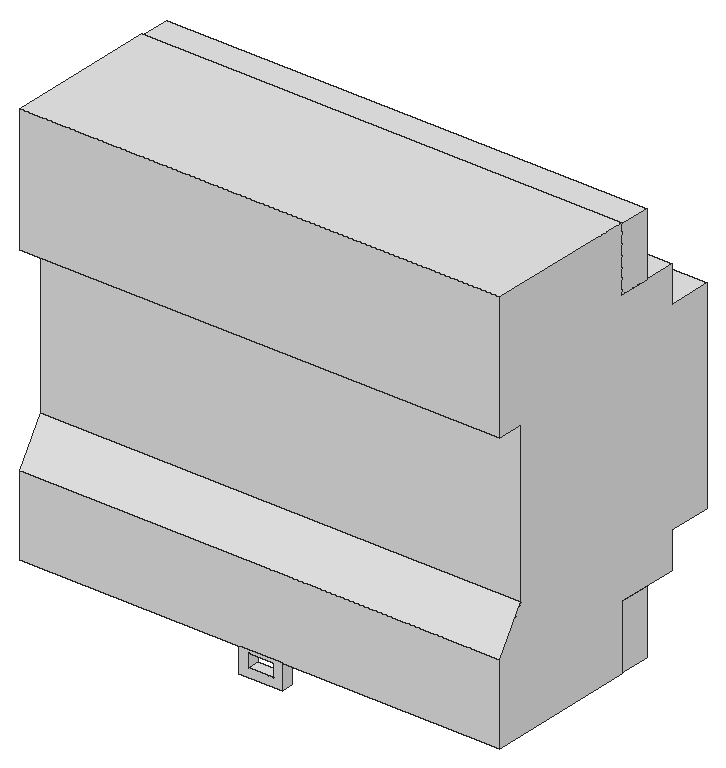
Revit family "СЭТ_СИПУ", category Электрические приборы, Revit 2019
Family settings
  Основа = Стена
  Сохранять ориентацию аннотаций = Нет
  Размер круглого соединителя = Использовать диаметр
  Тип детали = Нормальный
  Номер OmniClass = 23.85.00.00
  Заголовок OmniClass = Information and Communication
  Всегда вертикально = Да
  При загрузке вырезать с полостями = Нет
  Общий = Нет
  Точка расчета площади = Нет
Parameters (values of type "SET.SIPU.MB.16.0.DIN")
  Ширина = if(or(Каналы = 2, Каналы = 4), 37 mm, if(Каналы = 10, 71 mm, 107 mm))  # 107 mm
  Степень защиты = "IP20"
  Сайт производителя = "https://chronosmeter.com/"
  Полуширина = -Ширина / 2  # -53.5 mm
  Минус полуширина = Ширина / 2  # 53.5 mm
  Крепление = "DIN"
  Каналы = 16
  Интерфейс = "M-BUS"
  Глубина = 58 mm  # constant formula
  Высота размещения (по ниж.грани) = 1500 mm
  Высота = 95 mm  # constant formula
  Вход NAMUR = no
  ADSK_Наименование = "Счетчик импульсов проводной универсальный (СИПУ)"
  ADSK_Масса = if(or(Каналы = 2, Каналы = 4), 0.15, if(Каналы = 10, 0.3, 0.3))  # 0.3
  ADSK_Марка = "SET.SIPU.MB.16.0.DIN"
  ADSK_Количество = 1
  ADSK_Код изделия = "C208-25"
  ADSK_Завод-изготовитель = "Chronos Meter"  # constant formula
  ADSK_Единица измерения = "шт."  # constant formula
Types (14, lengths in mm): name | Ширина | Полуширина | Минус полуширина | Каналы | Интерфейс | Вход NAMUR | ADSK_Масса | ADSK_Марка | ADSK_Код изделия
  SET.SIPU.RS.2.0.DIN | 37 | -18.5 | 18.5 | 2 | "RS-485" | no | 0.15 | "SET.SIPU.RS.2.0.DIN" | "C208-06"
  SET.SIPU.RS.2.N.DIN | 37 | -18.5 | 18.5 | 2 | "RS-485" | yes | 0.15 | "SET.SIPU.RS.2.N.DIN" | "C208-07"
  SET.SIPU.RS.4.0.DIN | 37 | -18.5 | 18.5 | 4 | "RS-485" | no | 0.15 | "SET.SIPU.RS.4.0.DIN" | "C208-08"
  SET.SIPU.RS.4.N.DIN | 37 | -18.5 | 18.5 | 4 | "RS-485" | yes | 0.15 | "SET.SIPU.RS.4.N.DIN" | "C208-09"
  SET.SIPU.RS.10.0.DIN | 71 | -35.5 | 35.5 | 10 | "RS-485" | no | 0.3 | "SET.SIPU.RS.10.0.DIN" | "C208-10"
  SET.SIPU.RS.10.N.DIN | 71 | -35.5 | 35.5 | 10 | "RS-485" | yes | 0.3 | "SET.SIPU.RS.10.N.DIN" | "C208-11"
  SET.SIPU.RS.16.0.DIN | 107 | -53.5 | 53.5 | 16 | "RS-485" | no | 0.3 | "SET.SIPU.RS.16.0.DIN" | "C208-12"
  SET.SIPU.MB.2.0.DIN | 37 | -18.5 | 18.5 | 2 | "M-BUS" | no | 0.15 | "SET.SIPU.MB.2.0.DIN" | "C208-19"
  SET.SIPU.MB.2.N.DIN | 37 | -18.5 | 18.5 | 2 | "M-BUS" | yes | 0.15 | "SET.SIPU.MB.2.N.DIN" | "C208-20"
  SET.SIPU.MB.4.0.DIN | 37 | -18.5 | 18.5 | 4 | "M-BUS" | no | 0.15 | "SET.SIPU.MB.4.0.DIN" | "C208-21"
  SET.SIPU.MB.4.N.DIN | 37 | -18.5 | 18.5 | 4 | "M-BUS" | yes | 0.15 | "SET.SIPU.MB.4.N.DIN" | "C208-22"
  SET.SIPU.MB.10.0.DIN | 71 | -35.5 | 35.5 | 10 | "M-BUS" | no | 0.3 | "SET.SIPU.MB.10.0.DIN" | "C208-23"
  SET.SIPU.MB.10.N.DIN | 71 | -35.5 | 35.5 | 10 | "M-BUS" | yes | 0.3 | "SET.SIPU.MB.10.N.DIN" | "C208-24"
  SET.SIPU.MB.16.0.DIN | 107 | -53.5 | 53.5 | 16 | "M-BUS" | no | 0.3 | "SET.SIPU.MB.16.0.DIN" | "C208-25"
Reference planes
  plane 1: y = 0
  plane 2 "По центру (Влево/Вправо)": x = 125
  plane 3 "Сзади": y = 75
  plane 4: x = 178.5
  plane 5: x = 71.5
Forms (mm)
  Extrusion 1, solid, material "ADSK_Полимеры_ Поливинилхлорид_(ПВХ) белый"
    sketch origin (125, 60, 408.6) x (0, -1, 0) y (0, 0, 1)
      loop
        line (-15, 1091.4) -> (-15, 1109.16) -> (-20.684, 1118.247) -> (-20.684, 1153.444) -> (-15, 1153.444) -> (-15, 1181.6) -> (-48.807, 1181.6) -> (-48.807, 1167.109) -> (-62.769, 1167.109) -> (-62.769, 1159.027) -> (-72.5, 1159.027) -> (-72.5, 1114.027) -> (-62.769, 1114.027) -> (-62.769, 1105.944) -> (-48.807, 1105.944) -> (-48.807, 1091.4) -> (-15, 1091.4)
    from -53.5 <- "Полуширина" to 53.5 <- "Минус полуширина"
  Extrusion 2, solid, material "ADSK_Полимеры_ Поливинилхлорид_(ПВХ) белый"
    sketch origin (125, 108.807, 1500) x (0, 0, 1) y (1, 0, 0)
      loop
        line (14.41, 53.5) -> (0.218, 53.5) -> (0.218, -53.5) -> (14.41, -53.5) -> (14.41, 53.5)
    from 0 to 7
  Extrusion 3, solid, material "ADSK_Полимеры_ Поливинилхлорид_(ПВХ) белый"
    sketch origin (0, 75, 0) x (1, 0, 0) y (0, 0, 1)
      loop
        line (130, 1500) -> (120.235, 1500) -> (120.235, 1494.439) -> (130, 1494.439) -> (130, 1500)
      loop
        line (128.097, 1499.412) -> (122.45, 1499.412) -> (122.45, 1496.435) -> (128.097, 1496.435) -> (128.097, 1499.412)
    from -2.578 to 0
  Extrusion 4, void, not visible
    sketch origin (125.471, -108.807, 1500.297) x (0, 0, 1) y (-1, 0, 0)
      loop
        circle (7.034, 3.629) r 2.145
    from 0 to 8
  Extrusion 5, solid, material "ADSK_Полимеры_ Поливинилхлорид_(ПВХ) белый"
    sketch origin (125, 108.807, 1590.2) x (0, 0, -1) y (-1, 0, 0)
      loop
        line (0.299, -53.5) -> (14.491, -53.5) -> (14.491, 53.5) -> (0.299, 53.5) -> (0.299, -53.5)
    from 0 to 7
  Extrusion 6, void
    sketch origin (123.047, 115.807, 1590.489) x (0, 0, 1) y (-1, 0, 0)
      loop
        circle (-7.788, 48.124) r 2.195
      loop
        circle (-7.788, 42.133) r 2.195
      loop
        circle (-7.788, 36.096) r 2.195
      loop
        circle (-7.788, 30.058) r 2.195
      loop
        circle (-7.788, 24.02) r 2.195
      loop
        circle (-7.788, 17.984) r 2.195
    from 0 to 10
  Extrusion 7, void
    sketch origin (116.509, 115.807, 1498.982) x (0, 0, -1) y (1, 0, 0)
      loop
        circle (-8.417, -41.187) r 2.227
      loop
        circle (-8.417, -35.155) r 2.227
      loop
        circle (-8.417, -29.117) r 2.227
      loop
        circle (-8.417, -23.142) r 2.227
      loop
        circle (-8.417, -17.167) r 2.227
      loop
        circle (-8.417, -11.128) r 2.227
    from 0 to 10
Cuts and joins
  Extrusion 6, Extrusion 7 cuts Extrusion 1
  Extrusion 6 cuts Extrusion 5
  Extrusion 7 cuts Extrusion 2
Lines and regions (mm)
  model lines, not visible, detail levels fine
    curve 1: line (29.72, -66.224, 36.978) -> (28.003, -66.224, 36.978)
    curve 2: line (28.003, -66.224, 36.978) -> (28.003, -66.224, 34.24)
    curve 3: line (28.003, -66.224, 34.24) -> (29.72, -66.224, 34.24)
    curve 4: line (30.217, -66.224, 36.978) -> (30.217, -66.224, 34.24)
    curve 5: line (34.147, -66.224, 36.978) -> (32.431, -66.224, 36.978)
    curve 6: line (32.431, -66.224, 36.978) -> (32.431, -66.224, 34.24)
    curve 7: line (32.431, -66.224, 35.609) -> (34.147, -66.224, 34.24)
    curve 8: line (36.361, -66.224, 36.978) -> (34.645, -66.224, 36.978)
    curve 9: line (34.645, -66.224, 36.978) -> (34.645, -66.224, 34.24)
    curve 10: line (34.645, -66.224, 34.24) -> (36.361, -66.224, 34.24)
    curve 11: line (36.859, -66.224, 36.978) -> (36.859, -66.224, 34.24)
    curve 12: line (40.789, -66.224, 36.978) -> (39.073, -66.224, 36.978)
    curve 13: line (39.073, -66.224, 36.978) -> (39.073, -66.224, 34.24)
    curve 14: line (39.073, -66.224, 34.24) -> (40.789, -66.224, 34.24)
    curve 15: line (43.003, -66.224, 36.978) -> (41.286, -66.224, 36.978)
    curve 16: line (41.286, -66.224, 36.978) -> (41.286, -66.224, 35.609)
    curve 17: line (41.286, -66.224, 34.24) -> (43.003, -66.224, 34.24)
    curve 18: line (30.217, -66.224, 33.763) -> (30.217, -66.224, 31.026)
    curve 19: line (34.147, -66.224, 33.763) -> (32.431, -66.224, 33.763)
    curve 20: line (32.431, -66.224, 33.763) -> (32.431, -66.224, 31.026)
    curve 21: line (32.431, -66.224, 31.026) -> (34.147, -66.224, 31.026)
    curve 22: line (36.361, -66.224, 33.763) -> (34.645, -66.224, 33.763)
    curve 23: line (38.575, -66.224, 33.763) -> (36.859, -66.224, 33.763)
    curve 24: line (36.859, -66.224, 33.763) -> (36.859, -66.224, 31.026)
    curve 25: line (36.859, -66.224, 31.026) -> (38.575, -66.224, 31.026)
    curve 26: line (31.934, -66.224, 36.978) -> (31.934, -66.224, 34.24)
    curve 27: line (30.217, -66.224, 35.609) -> (31.934, -66.224, 35.609)
    curve 28: line (32.431, -66.224, 35.609) -> (34.147, -66.224, 35.609)
    curve 29: line (34.147, -66.224, 35.609) -> (34.147, -66.224, 36.978)
    curve 30: line (36.361, -66.224, 36.978) -> (36.361, -66.224, 34.24)
    curve 31: line (38.575, -66.224, 36.978) -> (38.575, -66.224, 34.24)
    curve 32: line (36.859, -66.224, 36.978) -> (38.575, -66.224, 34.24)
    curve 33: line (40.789, -66.224, 36.978) -> (40.789, -66.224, 34.24)
    curve 34: line (41.286, -66.224, 35.609) -> (43.003, -66.224, 35.609)
    curve 35: line (43.003, -66.224, 35.609) -> (43.003, -66.224, 34.24)
    curve 36: line (31.934, -66.224, 33.763) -> (31.934, -66.224, 31.026)
    curve 37: line (30.217, -66.224, 33.763) -> (31.075, -66.224, 32.395)
    curve 38: line (31.075, -66.224, 32.395) -> (31.934, -66.224, 33.763)
    curve 39: line (35.503, -66.224, 33.763) -> (35.503, -66.224, 31.026)
    curve 40: line (32.431, -66.224, 32.395) -> (33.289, -66.224, 32.395)
    curve 41: line (36.859, -66.224, 32.395) -> (37.78, -66.224, 32.395)
    curve 42: line (40.789, -66.224, 33.763) -> (39.073, -66.224, 33.763)
    curve 43: line (39.073, -66.224, 33.763) -> (39.073, -66.224, 31.026)
    curve 44: line (39.073, -66.224, 32.395) -> (40.789, -66.224, 31.026)
    curve 45: line (39.073, -66.224, 32.395) -> (40.789, -66.224, 32.395)
    curve 46: line (40.789, -66.224, 32.395) -> (40.789, -66.224, 33.763)
    curve 47: circle (23.664, -66.224, 33.751) r 3.026 normal (0, 1, 0)
    curve 48: spline (22.151, -66.224, 31.131) -> (22.747, -66.224, 30.905) -> (23.406, -66.224, 30.874) -> (24.083, -66.224, 31.038) -> (24.731, -66.224, 31.388) -> (25.306, -66.224, 31.898) -> (25.77, -66.224, 32.535) -> (26.089, -66.224, 33.255) -> (26.244, -66.224, 34.008) -> (26.223, -66.224, 34.744) -> (26.027, -66.224, 35.412) -> (25.67, -66.224, 35.967) -> (25.177, -66.224, 36.371) -> (24.58, -66.224, 36.597) -> (23.921, -66.224, 36.628) -> (23.244, -66.224, 36.464) -> (22.596, -66.224, 36.114) -> (22.021, -66.224, 35.604) -> (21.558, -66.224, 34.967) -> (21.238, -66.224, 34.247) -> (21.083, -66.224, 33.494) -> (21.105, -66.224, 32.758) -> (21.3, -66.224, 32.09) -> (21.657, -66.224, 31.535) -> (22.151, -66.224, 31.131)
    curve 49: spline (22.151, -66.224, 31.131) -> (22.479, -66.224, 31.06) -> (22.889, -66.224, 31.173) -> (23.351, -66.224, 31.461) -> (23.835, -66.224, 31.905) -> (24.306, -66.224, 32.476) -> (24.735, -66.224, 33.133) -> (25.09, -66.224, 33.832) -> (25.347, -66.224, 34.526) -> (25.491, -66.224, 35.167) -> (25.509, -66.224, 35.711) -> (25.402, -66.224, 36.122) -> (25.177, -66.224, 36.371) -> (24.848, -66.224, 36.442) -> (24.438, -66.224, 36.329) -> (23.976, -66.224, 36.041) -> (23.493, -66.224, 35.597) -> (23.021, -66.224, 35.026) -> (22.593, -66.224, 34.369) -> (22.238, -66.224, 33.67) -> (21.98, -66.224, 32.976) -> (21.837, -66.224, 32.335) -> (21.818, -66.224, 31.791) -> (21.925, -66.224, 31.38) -> (22.151, -66.224, 31.131)
    curve 50: line (21.043, -66.224, 35.264) -> (26.284, -66.224, 32.238)
    curve 51: line (23.709, -66.224, 36.776) -> (26.261, -66.224, 35.303)
    curve 52: line (21.066, -66.224, 32.199) -> (23.619, -66.224, 30.726)
    curve 53: line (25.177, -66.224, 36.371) -> (22.151, -66.224, 31.131)
  model lines, detail levels fine
    curve 54: line (87.792, 132.5, 1566.532) -> (89.509, 132.5, 1566.532)
    curve 55: line (89.509, 132.5, 1566.532) -> (89.509, 132.5, 1563.795)
    curve 56: line (89.509, 132.5, 1563.795) -> (87.792, 132.5, 1563.795)
    curve 57: line (87.295, 132.5, 1566.532) -> (87.295, 132.5, 1563.795)
    curve 58: line (83.364, 132.5, 1566.532) -> (85.081, 132.5, 1566.532)
    curve 59: line (85.081, 132.5, 1566.532) -> (85.081, 132.5, 1563.795)
    curve 60: line (85.081, 132.5, 1565.163) -> (83.364, 132.5, 1563.795)
    curve 61: line (81.151, 132.5, 1566.532) -> (82.867, 132.5, 1566.532)
    curve 62: line (82.867, 132.5, 1566.532) -> (82.867, 132.5, 1563.795)
    curve 63: line (82.867, 132.5, 1563.795) -> (81.151, 132.5, 1563.795)
    curve 64: line (80.653, 132.5, 1566.532) -> (80.653, 132.5, 1563.795)
    curve 65: line (76.723, 132.5, 1566.532) -> (78.439, 132.5, 1566.532)
    curve 66: line (78.439, 132.5, 1566.532) -> (78.439, 132.5, 1563.795)
    curve 67: line (78.439, 132.5, 1563.795) -> (76.723, 132.5, 1563.795)
    curve 68: line (74.509, 132.5, 1566.532) -> (76.225, 132.5, 1566.532)
    curve 69: line (76.225, 132.5, 1566.532) -> (76.225, 132.5, 1565.163)
    curve 70: line (76.225, 132.5, 1563.795) -> (74.509, 132.5, 1563.795)
    curve 71: line (87.295, 132.5, 1563.318) -> (87.295, 132.5, 1560.58)
    curve 72: line (83.364, 132.5, 1563.318) -> (85.081, 132.5, 1563.318)
    curve 73: line (85.081, 132.5, 1563.318) -> (85.081, 132.5, 1560.58)
    curve 74: line (85.081, 132.5, 1560.58) -> (83.364, 132.5, 1560.58)
    curve 75: line (81.151, 132.5, 1563.318) -> (82.867, 132.5, 1563.318)
    curve 76: line (78.937, 132.5, 1563.318) -> (80.653, 132.5, 1563.318)
    curve 77: line (80.653, 132.5, 1563.318) -> (80.653, 132.5, 1560.58)
    curve 78: line (80.653, 132.5, 1560.58) -> (78.937, 132.5, 1560.58)
    curve 79: line (85.578, 132.5, 1566.532) -> (85.578, 132.5, 1563.795)
    curve 80: line (87.295, 132.5, 1565.163) -> (85.578, 132.5, 1565.163)
    curve 81: line (85.081, 132.5, 1565.163) -> (83.364, 132.5, 1565.163)
    curve 82: line (83.364, 132.5, 1565.163) -> (83.364, 132.5, 1566.532)
    curve 83: line (81.151, 132.5, 1566.532) -> (81.151, 132.5, 1563.795)
    curve 84: line (78.937, 132.5, 1566.532) -> (78.937, 132.5, 1563.795)
    curve 85: line (80.653, 132.5, 1566.532) -> (78.937, 132.5, 1563.795)
    curve 86: line (76.723, 132.5, 1566.532) -> (76.723, 132.5, 1563.795)
    curve 87: line (76.225, 132.5, 1565.163) -> (74.509, 132.5, 1565.163)
    curve 88: line (74.509, 132.5, 1565.163) -> (74.509, 132.5, 1563.795)
    curve 89: line (85.578, 132.5, 1563.318) -> (85.578, 132.5, 1560.58)
    curve 90: line (87.295, 132.5, 1563.318) -> (86.437, 132.5, 1561.949)
    curve 91: line (86.437, 132.5, 1561.949) -> (85.578, 132.5, 1563.318)
    curve 92: line (82.009, 132.5, 1563.318) -> (82.009, 132.5, 1560.58)
    curve 93: line (85.081, 132.5, 1561.949) -> (84.223, 132.5, 1561.949)
    curve 94: line (80.653, 132.5, 1561.949) -> (79.732, 132.5, 1561.949)
    curve 95: line (76.723, 132.5, 1563.318) -> (78.439, 132.5, 1563.318)
    curve 96: line (78.439, 132.5, 1563.318) -> (78.439, 132.5, 1560.58)
    curve 97: line (78.439, 132.5, 1561.949) -> (76.723, 132.5, 1560.58)
    curve 98: line (78.439, 132.5, 1561.949) -> (76.723, 132.5, 1561.949)
    curve 99: line (76.723, 132.5, 1561.949) -> (76.723, 132.5, 1563.318)
    curve 100: circle (93.848, 132.5, 1563.305) r 3.026 normal (0, -1, 0)
    curve 101: spline (95.361, 132.5, 1560.685) -> (94.764, 132.5, 1560.46) -> (94.105, 132.5, 1560.428) -> (93.429, 132.5, 1560.593) -> (92.781, 132.5, 1560.942) -> (92.206, 132.5, 1561.453) -> (91.742, 132.5, 1562.09) -> (91.422, 132.5, 1562.809) -> (91.268, 132.5, 1563.563) -> (91.289, 132.5, 1564.299) -> (91.485, 132.5, 1564.967) -> (91.842, 132.5, 1565.522) -> (92.335, 132.5, 1565.926) -> (92.932, 132.5, 1566.151) -> (93.591, 132.5, 1566.183) -> (94.268, 132.5, 1566.018) -> (94.916, 132.5, 1565.669) -> (95.491, 132.5, 1565.158) -> (95.954, 132.5, 1564.521) -> (96.274, 132.5, 1563.802) -> (96.428, 132.5, 1563.048) -> (96.407, 132.5, 1562.312) -> (96.211, 132.5, 1561.644) -> (95.855, 132.5, 1561.089) -> (95.361, 132.5, 1560.685)
    curve 102: spline (95.361, 132.5, 1560.685) -> (95.032, 132.5, 1560.614) -> (94.623, 132.5, 1560.727) -> (94.161, 132.5, 1561.015) -> (93.677, 132.5, 1561.46) -> (93.205, 132.5, 1562.03) -> (92.777, 132.5, 1562.687) -> (92.422, 132.5, 1563.386) -> (92.164, 132.5, 1564.08) -> (92.021, 132.5, 1564.721) -> (92.003, 132.5, 1565.266) -> (92.11, 132.5, 1565.677) -> (92.335, 132.5, 1565.926) -> (92.664, 132.5, 1565.997) -> (93.073, 132.5, 1565.884) -> (93.536, 132.5, 1565.596) -> (94.019, 132.5, 1565.151) -> (94.491, 132.5, 1564.581) -> (94.919, 132.5, 1563.924) -> (95.274, 132.5, 1563.224) -> (95.532, 132.5, 1562.531) -> (95.675, 132.5, 1561.89) -> (95.694, 132.5, 1561.345) -> (95.587, 132.5, 1560.934) -> (95.361, 132.5, 1560.685)
    curve 103: line (96.469, 132.5, 1564.818) -> (91.228, 132.5, 1561.793)
    curve 104: line (93.803, 132.5, 1566.331) -> (91.251, 132.5, 1564.857)
    curve 105: line (96.446, 132.5, 1561.754) -> (93.893, 132.5, 1560.28)
    curve 106: line (92.335, 132.5, 1565.926) -> (95.361, 132.5, 1560.685)
Text (mm)
  text "Сторона размещения" at (-1867.185, 1116.779, 0), in view "Опорный уровень"
  text "Сторона размещения" at (0, 1627.561, 3001.832), in view "Слева"
  text "Сторона размещения" at (0, 530.812, 2999.686), in view "Справа"
Dimensions and locks
  locked: plane 3 "Сзади" to host wall
  Extrusion 3 sketch curve to Extrusion 3 sketch curve = 9.765 mm
  Extrusion 3 sketch curve to Extrusion 3 sketch curve = 5.646 mm
  equal spacing: plane 5, plane 2 "По центру (Влево/Вправо)", plane 4
  "Ширина": plane 5 to plane 4
  Extrusion 1 sketch curve to level = 1500 mm
  "Высота размещения (по ниж.грани)": Extrusion 1 to level
  Extrusion 1 sketch curve to Extrusion 1 sketch curve to Extrusion 1 sketch curve = 51.816 mm locked, 5.684 mm locked
  Extrusion 1 sketch curve to Extrusion 1 sketch curve = 14.544 mm
  locked: plane 2 "По центру (Влево/Вправо)" to Extrusion 3 at 5
  plane 2 "По центру (Влево/Вправо)" to curve 88 = 50.491 mm
  locked: plane 5 to curve 88 at 3.009
  aligned and locked: plane 1 to host wall
  aligned and locked: Extrusion 1 to Extrusion 2  (x2)
  aligned and locked: Extrusion 1 to host wall  (x2)
  aligned and locked: Extrusion 5 to Extrusion 2
  aligned and locked: Extrusion 3 to host wall
Automatic sketch dimensions
  Extrusion 1 sketch curve to host wall = 0 mm
  host wall to Extrusion 1 sketch curve = 0 mm
  Extrusion 1 sketch curve to Extrusion 1 sketch curve = 28.124 mm
  Extrusion 1 sketch curve to Extrusion 1 sketch curve = 13.961 mm  (x2)
  Extrusion 1 sketch curve to Extrusion 1 sketch curve = 9.731 mm
  Extrusion 1 sketch curve to Extrusion 1 sketch curve = 17.76 mm
  Extrusion 1 sketch curve to Extrusion 1 sketch curve = 8.082 mm  (x2)
  Extrusion 1 sketch curve to Extrusion 1 sketch curve = 9.087 mm
  Extrusion 1 sketch curve to Extrusion 1 sketch curve = 35.197 mm
  Extrusion 1 sketch curve to Extrusion 1 sketch curve = 5.583 mm
  Extrusion 1 sketch curve to Extrusion 1 sketch curve = 28.157 mm
  Extrusion 1 to Extrusion 2 sketch curve = 0 mm
  Extrusion 2 sketch curve to Extrusion 1 = 0 mm
  Extrusion 1 to Extrusion 2 sketch curve = 0.218 mm
  Extrusion 2 sketch curve to Extrusion 1 = 0.134 mm
  Extrusion 5 sketch curve to Extrusion 1 = 0 mm  (x2)
  Extrusion 1 to Extrusion 5 sketch curve = 0 mm
  Extrusion 1 to Extrusion 5 sketch curve = 0.299 mm
  curve 78 to curve 74 = 0 mm
  curve 73 to curve 91 = 1.369 mm
  curve 78 to curve 99 = 1.369 mm
  curve 90 to curve 100 = 1.356 mm
  curve 91 to curve 91 = 1.369 mm
  curve 98 to curve 99 = 1.369 mm
  curve 90 to curve 71 = 1.369 mm
  curve 72 to curve 89 = 0 mm
  curve 76 to curve 95 = 0 mm
  curve 95 to curve 67 = 0.477 mm
  curve 71 to curve 56 = 0.477 mm
  curve 76 to curve 63 = 0.477 mm
  curve 70 to curve 67 = 0 mm
  curve 76 to curve 84 = 0.477 mm
  curve 62 to curve 82 = 1.369 mm
  curve 70 to curve 87 = 1.369 mm
  curve 81 to curve 83 = 1.369 mm
  curve 82 to curve 61 = 0 mm
  curve 69 to curve 69 = 1.369 mm
  curve 66 to curve 68 = 0 mm
  curve 85 to curve 61 = 0 mm
  curve 55 to curve 55 = 2.737 mm
  curve 87 to curve 68 = 1.717 mm
  curve 69 to curve 67 = 0.497 mm
  curve 98 to curve 67 = 0 mm
  curve 67 to curve 67 = 1.717 mm
  curve 96 to curve 66 = 0 mm
  curve 66 to curve 84 = 0.497 mm
  curve 85 to curve 76 = 1.717 mm
  curve 84 to curve 64 = 1.717 mm
  curve 64 to curve 83 = 0.497 mm
  curve 63 to curve 62 = 1.717 mm
  curve 61 to curve 81 = 0.497 mm
  curve 62 to curve 72 = 2.214 mm
  curve 58 to curve 59 = 1.717 mm
  curve 72 to curve 89 = 0.497 mm
  curve 93 to curve 90 = 1.356 mm
  curve 90 to curve 71 = 0.858 mm
  curve 71 to curve 55 = 2.214 mm
  curve 55 to curve 100 = 4.339 mm
  curve 105 to curve 100 = 3.025 mm
  curve 92 to curve 74 = 0 mm
  curve 89 to curve 73 = 0 mm
  curve 96 to curve 78 = 0 mm
  curve 71 to curve 90 = 1.369 mm
  curve 97 to curve 98 = 1.369 mm
  curve 105 to curve 106 = 0.405 mm
  curve 102 to curve 106 = 0 mm
  curve 101 to curve 102 = 0 mm
  curve 102 to curve 105 = 1.069 mm
  curve 103 to curve 55 = 2.002 mm
  curve 93 to curve 91 = 0 mm
  curve 94 to curve 76 = 1.369 mm
  curve 97 to curve 98 = 0 mm  (x2)
  curve 101 to curve 100 = 0 mm  (x2)
  curve 102 to curve 100 = 0 mm  (x2)
  curve 92 to curve 62 = 0.477 mm
  curve 89 to curve 79 = 0.477 mm
  curve 76 to curve 64 = 0.477 mm
  curve 72 to curve 59 = 0.477 mm
  curve 71 to curve 57 = 0.477 mm
  curve 72 to curve 60 = 0.477 mm
  curve 100 to curve 103 = 1.513 mm
  curve 55 to curve 104 = 1.062 mm
  curve 80 to curve 81 = 0 mm
  curve 60 to curve 81 = 0 mm
  curve 104 to curve 106 = 1.069 mm
  curve 106 to curve 104 = 0.405 mm
  curve 84 to curve 65 = 0 mm
  curve 79 to curve 58 = 0 mm
  curve 57 to curve 54 = 0 mm
  curve 87 to curve 68 = 0 mm
  curve 70 to curve 67 = 0.497 mm
  curve 76 to curve 84 = 0 mm
  curve 96 to curve 78 = 0.497 mm
  curve 94 to curve 94 = 0.921 mm
  curve 75 to curve 63 = 0 mm
  curve 75 to curve 92 = 0.858 mm
  curve 75 to curve 62 = 0 mm
  curve 62 to curve 60 = 0.497 mm
  curve 72 to curve 60 = 0 mm
  curve 92 to curve 74 = 1.356 mm
  curve 93 to curve 93 = 0.858 mm
  curve 81 to curve 80 = 0.497 mm
  curve 80 to curve 80 = 1.717 mm
  curve 57 to curve 54 = 0.497 mm
  curve 57 to curve 56 = 0.497 mm
  curve 55 to curve 103 = 1.719 mm
  curve 25 to curve 21 = 0 mm
  curve 20 to curve 38 = 1.369 mm
  curve 25 to curve 46 = 1.369 mm
  curve 37 to curve 47 = 1.356 mm
  curve 38 to curve 38 = 1.369 mm
  curve 45 to curve 46 = 1.369 mm
  curve 37 to curve 18 = 1.369 mm
  curve 19 to curve 36 = 0 mm
  curve 23 to curve 42 = 0 mm
  curve 42 to curve 14 = 0.477 mm
  curve 18 to curve 3 = 0.477 mm
  curve 23 to curve 10 = 0.477 mm
  curve 17 to curve 14 = 0 mm
  curve 23 to curve 31 = 0.477 mm
  curve 9 to curve 29 = 1.369 mm
  curve 17 to curve 34 = 1.369 mm
  curve 28 to curve 30 = 1.369 mm
  curve 29 to curve 8 = 0 mm
  curve 16 to curve 16 = 1.369 mm
  curve 13 to curve 15 = 0 mm
  curve 32 to curve 8 = 0 mm
  curve 2 to curve 2 = 2.737 mm
  curve 34 to curve 15 = 1.717 mm
  curve 16 to curve 14 = 0.497 mm
  curve 45 to curve 14 = 0 mm
  curve 14 to curve 14 = 1.717 mm
  curve 43 to curve 13 = 0 mm
  curve 13 to curve 31 = 0.497 mm
  curve 32 to curve 23 = 1.717 mm
  curve 31 to curve 11 = 1.717 mm
  curve 11 to curve 30 = 0.497 mm
  curve 10 to curve 9 = 1.717 mm
  curve 8 to curve 28 = 0.497 mm
  curve 9 to curve 19 = 2.214 mm
  curve 5 to curve 6 = 1.717 mm
  curve 19 to curve 36 = 0.497 mm
  curve 40 to curve 37 = 1.356 mm
  curve 37 to curve 18 = 0.858 mm
  curve 18 to curve 2 = 2.214 mm
  curve 2 to curve 47 = 4.339 mm
  curve 52 to curve 47 = 3.025 mm
  curve 39 to curve 21 = 0 mm
  curve 36 to curve 20 = 0 mm
  curve 43 to curve 25 = 0 mm
  curve 18 to curve 37 = 1.369 mm
  curve 44 to curve 45 = 1.369 mm
  curve 52 to curve 53 = 0.405 mm
  curve 49 to curve 53 = 0 mm
  curve 48 to curve 49 = 0 mm
  curve 49 to curve 52 = 1.069 mm
  curve 50 to curve 2 = 2.002 mm
  curve 40 to curve 38 = 0 mm
  curve 41 to curve 23 = 1.369 mm
  curve 44 to curve 45 = 0 mm  (x2)
  curve 48 to curve 47 = 0 mm  (x2)
  curve 49 to curve 47 = 0 mm  (x2)
  curve 39 to curve 9 = 0.477 mm
  curve 36 to curve 26 = 0.477 mm
  curve 23 to curve 11 = 0.477 mm
  curve 19 to curve 6 = 0.477 mm
  curve 18 to curve 4 = 0.477 mm
  curve 19 to curve 7 = 0.477 mm
  curve 47 to curve 50 = 1.513 mm
  curve 2 to curve 51 = 1.062 mm
  curve 27 to curve 28 = 0 mm
  curve 7 to curve 28 = 0 mm
  curve 51 to curve 53 = 1.069 mm
  curve 53 to curve 51 = 0.405 mm
  curve 31 to curve 12 = 0 mm
  curve 26 to curve 5 = 0 mm
  curve 4 to curve 1 = 0 mm
  curve 34 to curve 15 = 0 mm
  curve 17 to curve 14 = 0.497 mm
  curve 23 to curve 31 = 0 mm
  curve 43 to curve 25 = 0.497 mm
  curve 41 to curve 41 = 0.921 mm
  curve 22 to curve 10 = 0 mm
  curve 22 to curve 39 = 0.858 mm
  curve 22 to curve 9 = 0 mm
  curve 9 to curve 7 = 0.497 mm
  curve 19 to curve 7 = 0 mm
  curve 39 to curve 21 = 1.356 mm
  curve 40 to curve 40 = 0.858 mm
  curve 28 to curve 27 = 0.497 mm
  curve 27 to curve 27 = 1.717 mm
  curve 4 to curve 1 = 0.497 mm
  curve 4 to curve 3 = 0.497 mm
  curve 2 to curve 50 = 1.719 mm
  Extrusion 3 sketch curve to plane 2 "По центру (Влево/Вправо)" = 4.765 mm
  Extrusion 3 sketch curve to plane 2 "По центру (Влево/Вправо)" = 2.55 mm
  level to Extrusion 3 sketch curve = 1494.439 mm
  Extrusion 3 sketch curve to Extrusion 3 sketch curve = 1.996 mm
  Extrusion 3 sketch curve to Extrusion 3 sketch curve = 2.978 mm
  Extrusion 3 sketch curve to Extrusion 3 sketch curve = 0.588 mm
  Extrusion 5 to Extrusion 6 sketch curve = 6.993 mm
  Extrusion 6 sketch curve to Extrusion 6 sketch curve = 0 mm  (x5)
  Extrusion 5 to Extrusion 6 sketch curve = 33.563 mm
  Extrusion 6 sketch curve to Extrusion 6 sketch curve = 6.036 mm
  Extrusion 6 sketch curve to Extrusion 6 sketch curve = 6.038 mm  (x2)
  Extrusion 6 sketch curve to Extrusion 6 sketch curve = 6.037 mm
  Extrusion 5 to Extrusion 6 sketch curve = 3.423 mm
  Extrusion 2 to Extrusion 7 sketch curve = 7.011 mm
  Extrusion 7 sketch curve to Extrusion 7 sketch curve = 0 mm  (x5)
  Extrusion 2 to Extrusion 7 sketch curve = 3.822 mm
  Extrusion 7 sketch curve to Extrusion 7 sketch curve = 6.033 mm
  Extrusion 7 sketch curve to Extrusion 7 sketch curve = 6.038 mm
  Extrusion 7 sketch curve to Extrusion 7 sketch curve = 5.975 mm  (x2)
  Extrusion 7 sketch curve to Extrusion 7 sketch curve = 6.039 mm
  radius of Extrusion 4 sketch curve = 2.145 mm
  radius of Extrusion 6 sketch curve = 2.195 mm  (x6)
  radius of Extrusion 7 sketch curve = 2.227 mm  (x6)
Connectors
  electrical at (125, 75, 1508.88)
    settings: on cut or joined group of Extrusion 1, Extrusion 6, Extrusion 7, index 1, voltage 0 V, apparent load 0 VA, apparent load phase1 0 VA, apparent load phase2 0 VA, apparent load phase3 0 VA, power factor 1, load classification "Прочее", number of poles 1, system type 9, power factor state 1, is connector primary yes, connector utility no, sub classification motor no, connector description ""
